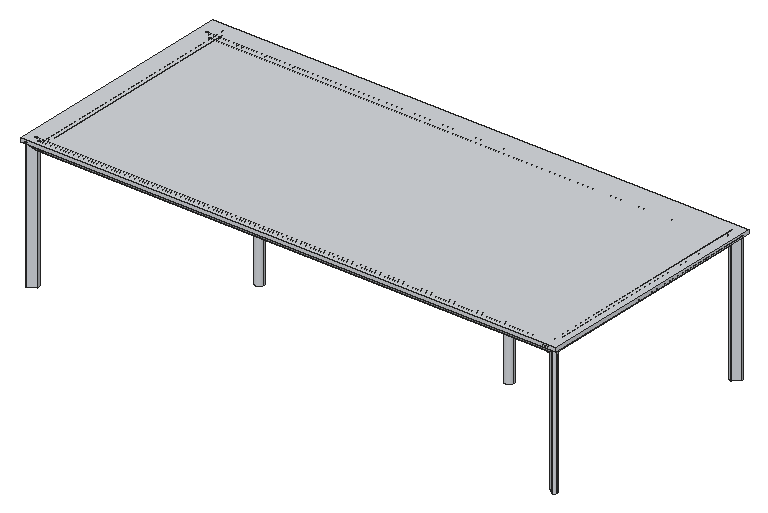
Revit family "Bernhardt_Design-Tables-Multipurpose-Intersection_stationary", category Furniture, Revit 2021 (continued)
Automatic sketch dimensions
  Extrusion 7 sketch curve to Extrusion 7 sketch curve = 0.22047"
  Extrusion 7 sketch curve to Extrusion 7 sketch curve = 0.03746"
  Extrusion 7 sketch curve to Extrusion 7 sketch curve = 0.00177"
  Extrusion 7 sketch curve to Extrusion 7 sketch curve = 0.06273"
  Extrusion 7 sketch curve to Extrusion 7 sketch curve = 0.08158"
  Extrusion 7 sketch curve to Extrusion 7 sketch curve = 0.00891"
  Extrusion 7 sketch curve to Extrusion 7 sketch curve = 0.01456"
  Extrusion 7 sketch curve to Extrusion 7 sketch curve = 0.01686"
  Extrusion 7 sketch curve to Extrusion 7 sketch curve = 0.07902"
  Extrusion 7 sketch curve to Extrusion 7 sketch curve = 0.03177"
  Extrusion 7 sketch curve to Extrusion 7 sketch curve = 0.000"  (x2)
  Extrusion 7 sketch curve to Extrusion 7 sketch curve = 0.02431"
  Extrusion 8 sketch curve to plane 12 "rail_bottom_plane" = 0.000"
  plane 12 "rail_bottom_plane" to Extrusion 8 sketch curve = 0.02925"
  plane 12 "rail_bottom_plane" to Extrusion 8 sketch curve = 0.14661"
  plane 12 "rail_bottom_plane" to Extrusion 8 sketch curve = 1.07514"
  Extrusion 8 sketch curve to Extrusion 8 sketch curve = 0.12735"
  Extrusion 8 sketch curve to plane 4 "modesty_position_plane" = 0.78694"
  Extrusion 8 sketch curve to Extrusion 8 sketch curve = 0.00014"
  Extrusion 8 sketch curve to Extrusion 8 sketch curve = 0.02896"
  Extrusion 8 sketch curve to Extrusion 8 sketch curve = 0.0422"
  Extrusion 8 sketch curve to Extrusion 8 sketch curve = 0.04921"
  Extrusion 8 sketch curve to Extrusion 8 sketch curve = 0.05906"
  Extrusion 8 sketch curve to Extrusion 8 sketch curve = 0.03282"
  Extrusion 8 sketch curve to Extrusion 8 sketch curve = 0.09483"
  Extrusion 8 sketch curve to Extrusion 8 sketch curve = 0.02476"
  Extrusion 8 sketch curve to Extrusion 8 sketch curve = 0.07351"
  Extrusion 8 sketch curve to Extrusion 8 sketch curve = 0.13985"
  Extrusion 8 sketch curve to Extrusion 8 sketch curve = 0.02005"
  Extrusion 8 sketch curve to Extrusion 8 sketch curve = 0.13351"
  Extrusion 8 sketch curve to Extrusion 8 sketch curve = 0.02305"
  Extrusion 8 sketch curve to Extrusion 8 sketch curve = 0.0295"
  Extrusion 8 sketch curve to Extrusion 8 sketch curve = 0.02445"
  Extrusion 8 sketch curve to Extrusion 8 sketch curve = 0.03902"
  Extrusion 8 sketch curve to Extrusion 8 sketch curve = 0.0325"
  Extrusion 8 sketch curve to Extrusion 8 sketch curve = 0.06712"
  Extrusion 8 sketch curve to Extrusion 8 sketch curve = 0.00283"
  Extrusion 8 sketch curve to Extrusion 8 sketch curve = 0.04156"
  Extrusion 8 sketch curve to Extrusion 8 sketch curve = 0.03971"
  Extrusion 8 sketch curve to Extrusion 8 sketch curve = 0.03567"
  Extrusion 8 sketch curve to Extrusion 8 sketch curve = 0.05548"
  Extrusion 8 sketch curve to Extrusion 8 sketch curve = 0.03901"
  Extrusion 8 sketch curve to Extrusion 8 sketch curve = 0.00615"
  Extrusion 8 sketch curve to Extrusion 8 sketch curve = 0.01171"
  Extrusion 8 sketch curve to Extrusion 8 sketch curve = 0.00864"
  Extrusion 8 sketch curve to Extrusion 8 sketch curve = 0.11209"
  Extrusion 8 sketch curve to Extrusion 8 sketch curve = 0.11842"
  Extrusion 8 sketch curve to Extrusion 8 sketch curve = 0.11879"
  Extrusion 8 sketch curve to Extrusion 8 sketch curve = 0.04862"
  level to Extrusion 8 sketch curve = 29.00191"
  Extrusion 8 sketch curve to Extrusion 8 sketch curve = 0.06216"
  Extrusion 8 sketch curve to Extrusion 8 sketch curve = 0.01686"
  Extrusion 8 sketch curve to Extrusion 8 sketch curve = 0.04356"
  Extrusion 8 sketch curve to Extrusion 8 sketch curve = 0.01456"
  Extrusion 8 sketch curve to Extrusion 8 sketch curve = 0.21399"
  Extrusion 8 sketch curve to Extrusion 8 sketch curve = 0.03018"
  Extrusion 8 sketch curve to Extrusion 8 sketch curve = 0.08498"
  Extrusion 8 sketch curve to Extrusion 8 sketch curve = 0.03923"
  Extrusion 8 sketch curve to Extrusion 8 sketch curve = 0.00177"
  Extrusion 8 sketch curve to Extrusion 8 sketch curve = 0.17902"
  Extrusion 8 sketch curve to Extrusion 8 sketch curve = 0.0941"
  Extrusion 8 sketch curve to Extrusion 8 sketch curve = 0.08688"
  Extrusion 8 sketch curve to Extrusion 8 sketch curve = 0.00022"
  Extrusion 8 sketch curve to Extrusion 8 sketch curve = 0.00175"
  Extrusion 8 sketch curve to Extrusion 8 sketch curve = 0.10222"
  Extrusion 8 sketch curve to Extrusion 8 sketch curve = 0.08283"
  Extrusion 8 sketch curve to Extrusion 8 sketch curve = 0.13502"
  Extrusion 8 sketch curve to Extrusion 8 sketch curve = 0.10284"
  Extrusion 8 sketch curve to Extrusion 8 sketch curve = 0.00225"
  Extrusion 8 sketch curve to Extrusion 8 sketch curve = 0.00065"
  Extrusion 8 sketch curve to Extrusion 8 sketch curve = 0.04153"
  Extrusion 8 sketch curve to Extrusion 8 sketch curve = 0.0433"
  Extrusion 8 sketch curve to Extrusion 8 sketch curve = 0.00364"
  Extrusion 8 sketch curve to Extrusion 8 sketch curve = 0.45588"
  Extrusion 8 sketch curve to Extrusion 8 sketch curve = 0.27507"
  Extrusion 8 sketch curve to Extrusion 8 sketch curve = 0.03177"
  Extrusion 8 sketch curve to Extrusion 8 sketch curve = 0.000"  (x2)
  Extrusion 8 sketch curve to Extrusion 8 sketch curve = 0.02431"
  plane 9 "tabletop_length-left_plane" to Extrusion 17 sketch curve = 0.05628"
  plane 5 "modesty_plane_left" to Extrusion 17 sketch curve = 1.73181"
  level to Extrusion 17 sketch curve = 29.34885"
  Extrusion 17 sketch curve to Extrusion 17 sketch curve = 2.41176"
  plane 10 "tabletop_length-ri_plane" to Extrusion 18 sketch curve = 0.05628"
  plane 6 "modesty_plane_right" to Extrusion 18 sketch curve = 1.73181"
  level to Extrusion 18 sketch curve = 29.34885"
  Extrusion 18 sketch curve to Extrusion 18 sketch curve = 2.41176"
  plane 10 "tabletop_length-ri_plane" to Extrusion 19 sketch curve = 0.05628"
  plane 6 "modesty_plane_right" to Extrusion 19 sketch curve = 1.73181"
  level to Extrusion 19 sketch curve = 26.93709"
  Extrusion 19 sketch curve to Extrusion 19 sketch curve = 2.41176"
  Extrusion 20 sketch curve to plane 7 "tabletop_width-upper_plane" = 0.1625"
  Extrusion 20 sketch curve to plane 11 "rail_top_plane" = 2.69638"
  level to Extrusion 20 sketch curve = 29.25437"
  Extrusion 20 sketch curve to Extrusion 20 sketch curve = 2.34382"
  plane 8 "tabletop_width-lower_plane" to Extrusion 21 sketch curve = 0.1625"
  Extrusion 21 sketch curve to plane 4 "modesty_position_plane" = 0.53562"
  level to Extrusion 21 sketch curve = 29.25437"
  Extrusion 21 sketch curve to Extrusion 21 sketch curve = 2.34382"
  Extrusion 22 sketch curve to plane 7 "tabletop_width-upper_plane" = 0.1625"
  Extrusion 22 sketch curve to plane 11 "rail_top_plane" = 2.69638"
  level to Extrusion 22 sketch curve = 26.91055"
  Extrusion 22 sketch curve to Extrusion 22 sketch curve = 2.34382"
  plane 9 "tabletop_length-left_plane" to Extrusion 23 sketch curve = 0.05628"
  plane 5 "modesty_plane_left" to Extrusion 23 sketch curve = 1.73181"
  level to Extrusion 23 sketch curve = 26.93709"
  Extrusion 23 sketch curve to Extrusion 23 sketch curve = 2.41176"
  plane 8 "tabletop_width-lower_plane" to Extrusion 24 sketch curve = 0.1625"
  Extrusion 24 sketch curve to plane 4 "modesty_position_plane" = 0.53562"
  level to Extrusion 24 sketch curve = 26.91055"
  Extrusion 24 sketch curve to Extrusion 24 sketch curve = 2.34382"
  plane 1 "Center Front/Back" to Extrusion 25 sketch curve = 0.000"
  Extrusion 25 sketch curve to plane 16 "centerleg_left_plane" = 0.000"
  plane 1 "Center Front/Back" to Extrusion 26 sketch curve = 0.000"
  Extrusion 26 sketch curve to plane 17 "centerleg_right_plane" = 0.000"
  plane 1 "Center Front/Back" to Extrusion 27 sketch curve = 0.000"
  Extrusion 27 sketch curve to plane 3 "Center Left/Right" = 0.000"
  Extrusion 28 sketch curve to plane 3 "Center Left/Right" = 2.59842"
  Extrusion 28 sketch curve to Extrusion 28 sketch curve = 1.02409"
  Extrusion 28 sketch curve to Extrusion 28 sketch curve = 0.00032"  (x6)
  Extrusion 28 sketch curve to Extrusion 28 sketch curve = 0.07859"
  Extrusion 28 sketch curve to Extrusion 28 sketch curve = 0.07842"  (x2)
  Extrusion 28 sketch curve to Extrusion 28 sketch curve = 0.07803"  (x2)
  plane 3 "Center Left/Right" to Extrusion 28 sketch curve = 1.33898"
  Extrusion 28 sketch curve to Extrusion 28 sketch curve = 0.07835"
  Extrusion 28 sketch curve to Extrusion 28 sketch curve = 0.07827"
  Extrusion 28 sketch curve to Extrusion 28 sketch curve = 1.02441"
  level to Extrusion 28 sketch curve = 27.62427"
  Extrusion 28 sketch curve to Extrusion 28 sketch curve = 1.06417"  (x2)
  Extrusion 29 sketch curve to plane 17 "centerleg_right_plane" = 2.59842"
  Extrusion 29 sketch curve to Extrusion 29 sketch curve = 1.02409"
  Extrusion 29 sketch curve to Extrusion 29 sketch curve = 0.00032"  (x6)
  Extrusion 29 sketch curve to Extrusion 29 sketch curve = 0.07859"
  Extrusion 29 sketch curve to Extrusion 29 sketch curve = 0.07842"  (x2)
  Extrusion 29 sketch curve to Extrusion 29 sketch curve = 0.07803"  (x2)
  plane 17 "centerleg_right_plane" to Extrusion 29 sketch curve = 1.33898"
  Extrusion 29 sketch curve to Extrusion 29 sketch curve = 0.07835"
  Extrusion 29 sketch curve to Extrusion 29 sketch curve = 0.07827"
  Extrusion 29 sketch curve to Extrusion 29 sketch curve = 1.02441"
  level to Extrusion 29 sketch curve = 27.62427"
  Extrusion 29 sketch curve to Extrusion 29 sketch curve = 1.06417"  (x2)
  plane 16 "centerleg_left_plane" to Extrusion 30 sketch curve = 2.59842"
  Extrusion 30 sketch curve to Extrusion 30 sketch curve = 1.02409"
  Extrusion 30 sketch curve to Extrusion 30 sketch curve = 0.00032"  (x6)
  Extrusion 30 sketch curve to Extrusion 30 sketch curve = 0.07859"
  Extrusion 30 sketch curve to Extrusion 30 sketch curve = 0.07842"  (x2)
  Extrusion 30 sketch curve to Extrusion 30 sketch curve = 0.07803"  (x2)
  Extrusion 30 sketch curve to plane 16 "centerleg_left_plane" = 1.33898"
  Extrusion 30 sketch curve to Extrusion 30 sketch curve = 0.07835"
  Extrusion 30 sketch curve to Extrusion 30 sketch curve = 0.07827"
  Extrusion 30 sketch curve to Extrusion 30 sketch curve = 1.02441"
  level to Extrusion 30 sketch curve = 27.62427"
  Extrusion 30 sketch curve to Extrusion 30 sketch curve = 1.06417"  (x2)
  radius of Extrusion 25 sketch curve = 1.000"
  radius of Extrusion 26 sketch curve = 1.000"
  radius of Extrusion 27 sketch curve = 1.000"
Types (91): name | Two Centerleg Visibility | Table Width | Table Width Half | Table Length Half | Table Length | SKU | Rail Width Half | Rail Length Half | Rail Length | Modesty Panel Visibility | Modesty Length Half | Centerleg Visibility | Catalog
  (no name) | yes | 54.000" | 27.000" | 60.000" | 120.000" | "INS-FDO" | 26.512" | 59.512" | 119.024" | no | 55.125" | no | "INS-FDO"
  Intersection - FAA - 36x36 stationary | no | 36.000" | 18.000" | 18.000" | 36.000" | "INS-FAA" | 17.512" | 17.512" | 35.024" | no | 13.125" | no | "INS-FAA"
  Intersection - FBB - 42x42 stationary | no | 42.000" | 21.000" | 21.000" | 42.000" | "INS-FBB" | 20.512" | 20.512" | 41.024" | no | 16.125" | no | "INS-FBB"
  Intersection - FCC - 48x48 stationary | no | 48.000" | 24.000" | 24.000" | 48.000" | "INS-FCC" | 23.512" | 23.512" | 47.024" | no | 19.125" | no | "INS-FCC"
  Intersection - FDD - 54x54 stationary w/ modesty | no | 54.000" | 27.000" | 27.000" | 54.000" | "INS-FDD" | 26.512" | 26.512" | 53.024" | yes | 22.125" | no | "INS-FDD"
  Intersection - FDD - 54x54 stationary | no | 54.000" | 27.000" | 27.000" | 54.000" | "INS-FDD" | 26.512" | 26.512" | 53.024" | no | 22.125" | no | "INS-FDD"
  Intersection - FVC - 48x24 stationary | no | 24.000" | 12.000" | 24.000" | 48.000" | "INS-FVC" | 11.512" | 23.512" | 47.024" | no | 19.125" | no | "INS-FVC"
  Intersection - FVD - 54x24 stationary | no | 24.000" | 12.000" | 27.000" | 54.000" | "INS-FVD" | 11.512" | 26.512" | 53.024" | no | 22.125" | no | "INS-FVD"
  Intersection - FVD - 54x24 stationary w/ modesty | no | 24.000" | 12.000" | 27.000" | 54.000" | "INS-FVD" | 11.512" | 26.512" | 53.024" | yes | 22.125" | no | "INS-FVD"
  Intersection - FVE - 60x24 stationary | no | 24.000" | 12.000" | 30.000" | 60.000" | "INS-FVE" | 11.512" | 29.512" | 59.024" | no | 25.125" | no | "INS-FVE"
  Intersection - FVE - 60x24 stationary w/ modesty | no | 24.000" | 12.000" | 30.000" | 60.000" | "INS-FVE" | 11.512" | 29.512" | 59.024" | yes | 25.125" | no | "INS-FVE"
  Intersection - FVF - 66x24 stationary | no | 24.000" | 12.000" | 33.000" | 66.000" | "INS-FVF" | 11.512" | 32.512" | 65.024" | no | 28.125" | no | "INS-FVF"
  Intersection - FVF - 66x24 stationary w/ modesty | no | 24.000" | 12.000" | 33.000" | 66.000" | "INS-FVF" | 11.512" | 32.512" | 65.024" | yes | 28.125" | no | "INS-FVF"
  Intersection - FVG - 72x24 stationary | no | 24.000" | 12.000" | 36.000" | 72.000" | "INS-FVG" | 11.512" | 35.512" | 71.024" | no | 31.125" | no | "INS-FVG"
  Intersection - FVG - 72x24 stationary w/ modesty | no | 24.000" | 12.000" | 36.000" | 72.000" | "INS-FVG" | 11.512" | 35.512" | 71.024" | yes | 31.125" | no | "INS-FVG"
  Intersection - FVH - 78x24 stationary | no | 24.000" | 12.000" | 39.000" | 78.000" | "INS-FVH" | 11.512" | 38.512" | 77.024" | no | 34.125" | no | "INS-FVH"
  Intersection - FVH - 78x24 stationary w/ modesty | no | 24.000" | 12.000" | 39.000" | 78.000" | "INS-FVH" | 11.512" | 38.512" | 77.024" | yes | 34.125" | no | "INS-FVH"
  Intersection - FVI - 84x24 stationary | no | 24.000" | 12.000" | 42.000" | 84.000" | "INS-FVI" | 11.512" | 41.512" | 83.024" | no | 37.125" | no | "INS-FVI"
  Intersection - FVI - 84x24 stationary w/ modesty | no | 24.000" | 12.000" | 42.000" | 84.000" | "INS-FVI" | 11.512" | 41.512" | 83.024" | yes | 37.125" | no | "INS-FVI"
  Intersection - FVJ - 90x24 stationary | no | 24.000" | 12.000" | 45.000" | 90.000" | "INS-FVJ" | 11.512" | 44.512" | 89.024" | no | 40.125" | no | "INS-FVJ"
  Intersection - FOD - 54x30 stationary | no | 30.000" | 15.000" | 27.000" | 54.000" | "INS-FOD" | 14.512" | 26.512" | 53.024" | no | 22.125" | no | "INS-FOD"
  Intersection - FOD - 54x30 stationary w/ modesty | no | 30.000" | 15.000" | 27.000" | 54.000" | "INS-FOD" | 14.512" | 26.512" | 53.024" | yes | 22.125" | no | "INS-FOD"
  Intersection - FOE - 60x30 stationary | no | 30.000" | 15.000" | 30.000" | 60.000" | "INS-FOE" | 14.512" | 29.512" | 59.024" | no | 25.125" | no | "INS-FOE"
  Intersection - FOE - 60x30 stationary w/ modesty | no | 30.000" | 15.000" | 30.000" | 60.000" | "INS-FOE" | 14.512" | 29.512" | 59.024" | yes | 25.125" | no | "INS-FOE"
  Intersection - FOF - 66x30 stationary | no | 30.000" | 15.000" | 33.000" | 66.000" | "INS-FOF" | 14.512" | 32.512" | 65.024" | no | 28.125" | no | "INS-FOF"
  Intersection - FOF - 66x30 stationary w/ modesty | no | 30.000" | 15.000" | 33.000" | 66.000" | "INS-FOF" | 14.512" | 32.512" | 65.024" | yes | 28.125" | no | "INS-FOF"
  Intersection - FOG - 72x30 stationary | no | 30.000" | 15.000" | 36.000" | 72.000" | "INS-FOG" | 14.512" | 35.512" | 71.024" | no | 31.125" | no | "INS-FOG"
  Intersection - FOG - 72x30 stationary w/ modesty | no | 30.000" | 15.000" | 36.000" | 72.000" | "INS-FOG" | 14.512" | 35.512" | 71.024" | yes | 31.125" | no | "INS-FOG"
  Intersection - FOH - 78x30 stationary | no | 30.000" | 15.000" | 39.000" | 78.000" | "INS-FOH" | 14.512" | 38.512" | 77.024" | no | 34.125" | no | "INS-FOH"
  Intersection - FOH - 78x30 stationary w/ modesty | no | 30.000" | 15.000" | 39.000" | 78.000" | "INS-FOH" | 14.512" | 38.512" | 77.024" | yes | 34.125" | no | "INS-FOH"
  Intersection - FOI - 84x30 stationary | no | 30.000" | 15.000" | 42.000" | 84.000" | "INS-FOI" | 14.512" | 41.512" | 83.024" | no | 37.125" | no | "INS-FOI"
  Intersection - FOI - 84x30 stationary w/ modesty | no | 30.000" | 15.000" | 42.000" | 84.000" | "INS-FOI" | 14.512" | 41.512" | 83.024" | yes | 37.125" | no | "INS-FOI"
  Intersection - FOJ - 90x30 stationary | no | 30.000" | 15.000" | 45.000" | 90.000" | "INS-FOJ" | 14.512" | 44.512" | 89.024" | no | 40.125" | no | "INS-FOJ"
  Intersection - FAE - 60x36 stationary | no | 36.000" | 18.000" | 30.000" | 60.000" | "INS-FAE" | 17.512" | 29.512" | 59.024" | no | 25.125" | no | "INS-FAE"
  Intersection - FAE - 60x36 stationary w/ modesty | no | 36.000" | 18.000" | 30.000" | 60.000" | "INS-FAE" | 17.512" | 29.512" | 59.024" | yes | 25.125" | no | "INS-FAE"
  Intersection - FAF - 66x36 stationary | no | 36.000" | 18.000" | 33.000" | 66.000" | "INS-FAF" | 17.512" | 32.512" | 65.024" | no | 28.125" | no | "INS-FAF"
  Intersection - FAF - 66x36 stationary w/ modesty | no | 36.000" | 18.000" | 33.000" | 66.000" | "INS-FAF" | 17.512" | 32.512" | 65.024" | yes | 28.125" | no | "INS-FAF"
  Intersection - FAG - 72x36 stationary | no | 36.000" | 18.000" | 36.000" | 72.000" | "INS-FAG" | 17.512" | 35.512" | 71.024" | no | 31.125" | no | "INS-FAG"
  Intersection - FAG - 72x36 stationary w/ modesty | no | 36.000" | 18.000" | 36.000" | 72.000" | "INS-FAG" | 17.512" | 35.512" | 71.024" | yes | 31.125" | no | "INS-FAG"
  Intersection - FAH - 78x36 stationary | no | 36.000" | 18.000" | 39.000" | 78.000" | "INS-FAH" | 17.512" | 38.512" | 77.024" | no | 34.125" | no | "INS-FAH"
  Intersection - FAH - 78x36 stationary w/ modesty | no | 36.000" | 18.000" | 39.000" | 78.000" | "INS-FAH" | 17.512" | 38.512" | 77.024" | yes | 34.125" | no | "INS-FAH"
  Intersection - FAI - 84x36 stationary | no | 36.000" | 18.000" | 42.000" | 84.000" | "INS-FAI" | 17.512" | 41.512" | 83.024" | no | 37.125" | no | "INS-FAI"
  Intersection - FAI - 84x36 stationary w/ modesty | no | 36.000" | 18.000" | 42.000" | 84.000" | "INS-FAI" | 17.512" | 41.512" | 83.024" | yes | 37.125" | no | "INS-FAI"
  Intersection - FAJ -90x36 stationary | no | 36.000" | 18.000" | 45.000" | 90.000" | "INS-FAJ" | 17.512" | 44.512" | 89.024" | no | 40.125" | no | "INS-FAJ"
  Intersection - FAK - 96x36 stationary | no | 36.000" | 18.000" | 48.000" | 96.000" | "INS-FAK" | 17.512" | 47.512" | 95.024" | no | 43.125" | yes | "INS-FAK"
  Intersection - FAL - 102x36 stationary | no | 36.000" | 18.000" | 51.000" | 102.000" | "INS-FAL" | 17.512" | 50.512" | 101.024" | no | 46.125" | yes | "INS-FAL"
  Intersection - FAM - 108x36 stationary | no | 36.000" | 18.000" | 54.000" | 108.000" | "INS-FAM" | 17.512" | 53.512" | 107.024" | no | 49.125" | yes | "INS-FAM"
  Intersection - FBE - 60x42 stationary | no | 42.000" | 21.000" | 30.000" | 60.000" | "INS-FBE" | 20.512" | 29.512" | 59.024" | no | 25.125" | no | "INS-FBE"
  Intersection - FBE - 60x42 stationary w/ modesty | no | 42.000" | 21.000" | 30.000" | 60.000" | "INS-FBE" | 20.512" | 29.512" | 59.024" | yes | 25.125" | no | "INS-FBE"
  Intersection - FBF - 66x42 stationary | no | 42.000" | 21.000" | 33.000" | 66.000" | "INS-FBF" | 20.512" | 32.512" | 65.024" | no | 28.125" | no | "INS-FBF"
  Intersection - FBF - 66x42 stationary w/ modesty | no | 42.000" | 21.000" | 33.000" | 66.000" | "INS-FBF" | 20.512" | 32.512" | 65.024" | yes | 28.125" | no | "INS-FBF"
  Intersection - FBG - 72x42 stationary | no | 42.000" | 21.000" | 36.000" | 72.000" | "INS-FBG" | 20.512" | 35.512" | 71.024" | no | 31.125" | no | "INS-FBG"
  Intersection - FBG - 72x42 stationary w/ modesty | no | 42.000" | 21.000" | 36.000" | 72.000" | "INS-FBG" | 20.512" | 35.512" | 71.024" | yes | 31.125" | no | "INS-FBG"
  Intersection - FBH - 78x42 stationary | no | 42.000" | 21.000" | 39.000" | 78.000" | "INS-FBH" | 20.512" | 38.512" | 77.024" | no | 34.125" | no | "INS-FBH"
  Intersection - FBH - 78x42 stationary w/ modesty | no | 42.000" | 21.000" | 39.000" | 78.000" | "INS-FBH" | 20.512" | 38.512" | 77.024" | yes | 34.125" | no | "INS-FBH"
  Intersection - FBI - 84x42 stationary | no | 42.000" | 21.000" | 42.000" | 84.000" | "INS-FBI" | 20.512" | 41.512" | 83.024" | no | 37.125" | no | "INS-FBI"
  Intersection - FBI - 84x42 stationary w/ modesty | no | 42.000" | 21.000" | 42.000" | 84.000" | "INS-FBI" | 20.512" | 41.512" | 83.024" | yes | 37.125" | no | "INS-FBI"
  Intersection - FBJ - 90x42 stationary | no | 42.000" | 21.000" | 45.000" | 90.000" | "INS-FBJ" | 20.512" | 44.512" | 89.024" | no | 40.125" | no | "INS-FBJ"
  Intersection - FBK - 96x42 stationary | no | 42.000" | 21.000" | 48.000" | 96.000" | "INS-FBK" | 20.512" | 47.512" | 95.024" | no | 43.125" | yes | "INS-FBK"
  Intersection - FBL - 102x42 stationary | no | 42.000" | 21.000" | 51.000" | 102.000" | "INS-FBL" | 20.512" | 50.512" | 101.024" | no | 46.125" | yes | "INS-FBL"
  Intersection - FBM - 108x42 stationary | no | 42.000" | 21.000" | 54.000" | 108.000" | "INS-FBM" | 20.512" | 53.512" | 107.024" | no | 49.125" | yes | "INS-FBM"
  Intersection - FBN - 114x42 stationary | yes | 42.000" | 21.000" | 57.000" | 114.000" | "INS-FBN" | 20.512" | 56.512" | 113.024" | no | 52.125" | no | "INS-FBN"
  Intersection - FBO - 120x42 stationary | yes | 42.000" | 21.000" | 60.000" | 120.000" | "INS-FBO" | 20.512" | 59.512" | 119.024" | no | 55.125" | no | "INS-FBO"
  Intersection - FCE - 60x48 stationary | no | 48.000" | 24.000" | 30.000" | 60.000" | "INS-FCE" | 23.512" | 29.512" | 59.024" | no | 25.125" | no | "INS-FCE"
  Intersection - FCE - 60x48 stationary w/ modesty | no | 48.000" | 24.000" | 30.000" | 60.000" | "INS-FCE" | 23.512" | 29.512" | 59.024" | yes | 25.125" | no | "INS-FCE"
  Intersection - FCF - 66x48 stationary | no | 48.000" | 24.000" | 33.000" | 66.000" | "INS-FCF" | 23.512" | 32.512" | 65.024" | no | 28.125" | no | "INS-FCF"
  Intersection - FCF - 66x48 stationary w/ modesty | no | 48.000" | 24.000" | 33.000" | 66.000" | "INS-FCF" | 23.512" | 32.512" | 65.024" | yes | 28.125" | no | "INS-FCF"
  Intersection - FCG - 72x48 stationary | no | 48.000" | 24.000" | 36.000" | 72.000" | "INS-FCG" | 23.512" | 35.512" | 71.024" | no | 31.125" | no | "INS-FCG"
  Intersection - FCG - 72x48 stationary w/ modesty | no | 48.000" | 24.000" | 36.000" | 72.000" | "INS-FCG" | 23.512" | 35.512" | 71.024" | yes | 31.125" | no | "INS-FCG"
  Intersection - FCH - 78x48 stationary | no | 48.000" | 24.000" | 39.000" | 78.000" | "INS-FCH" | 23.512" | 38.512" | 77.024" | no | 34.125" | no | "INS-FCH"
  Intersection - FCH - 78x48 stationary w/ modesty | no | 48.000" | 24.000" | 39.000" | 78.000" | "INS-FCH" | 23.512" | 38.512" | 77.024" | yes | 34.125" | no | "INS-FCH"
  Intersection - FCI - 84x48 stationary | no | 48.000" | 24.000" | 42.000" | 84.000" | "INS-FCI" | 23.512" | 41.512" | 83.024" | no | 37.125" | no | "INS-FCI"
  Intersection - FCI - 84x48 stationary w/ modesty | no | 48.000" | 24.000" | 42.000" | 84.000" | "INS-FCI" | 23.512" | 41.512" | 83.024" | yes | 37.125" | no | "INS-FCI"
  Intersection - FCJ - 90x48 stationary | no | 48.000" | 24.000" | 45.000" | 90.000" | "INS-FCJ" | 23.512" | 44.512" | 89.024" | no | 40.125" | no | "INS-FCJ"
  Intersection - FCK - 96x48 stationary | no | 48.000" | 24.000" | 48.000" | 96.000" | "INS-FCK" | 23.512" | 47.512" | 95.024" | no | 43.125" | yes | "INS-FCK"
  Intersection - FCL - 102x48 stationary | no | 48.000" | 24.000" | 51.000" | 102.000" | "INS-FCL" | 23.512" | 50.512" | 101.024" | no | 46.125" | yes | "INS-FCL"
  Intersection - FCM - 108x48 stationary | no | 48.000" | 24.000" | 54.000" | 108.000" | "INS-FCM" | 23.512" | 53.512" | 107.024" | no | 49.125" | yes | "INS-FCM"
  Intersection - FCN - 114x48 stationary | yes | 48.000" | 24.000" | 57.000" | 114.000" | "INS-FCN" | 23.512" | 56.512" | 113.024" | no | 52.125" | no | "INS-FCN"
  Intersection - FCO - 120x48 stationary | yes | 48.000" | 24.000" | 60.000" | 120.000" | "INS-FCO" | 23.512" | 59.512" | 119.024" | no | 55.125" | no | "INS-FCO"
  Intersection - FDG - 72x54 stationary | no | 54.000" | 27.000" | 36.000" | 72.000" | "INS-FDG" | 26.512" | 35.512" | 71.024" | no | 31.125" | no | "INS-FDG"
  Intersection - FDG - 72x54 stationary w/ modesty | no | 54.000" | 27.000" | 36.000" | 72.000" | "INS-FDG" | 26.512" | 35.512" | 71.024" | yes | 31.125" | no | "INS-FDG"
  Intersection - FDH - 78x54 stationary | no | 54.000" | 27.000" | 39.000" | 78.000" | "INS-FDH" | 26.512" | 38.512" | 77.024" | no | 34.125" | no | "INS-FDH"
  Intersection - FDH - 78x54 stationary w/ modesty | no | 54.000" | 27.000" | 39.000" | 78.000" | "INS-FDH" | 26.512" | 38.512" | 77.024" | yes | 34.125" | no | "INS-FDH"
  Intersection - FDI - 84x54 stationary | no | 54.000" | 27.000" | 42.000" | 84.000" | "INS-FDI" | 26.512" | 41.512" | 83.024" | no | 37.125" | no | "INS-FDI"
  Intersection - FDI - 84x54 stationary w/ modesty | no | 54.000" | 27.000" | 42.000" | 84.000" | "INS-FDI" | 26.512" | 41.512" | 83.024" | yes | 37.125" | no | "INS-FDI"
  Intersection - FDJ - 90x54 stationary | no | 54.000" | 27.000" | 45.000" | 90.000" | "INS-FDJ" | 26.512" | 44.512" | 89.024" | no | 40.125" | no | "INS-FDJ"
  Intersection - FDK - 96x54 stationary | no | 54.000" | 27.000" | 48.000" | 96.000" | "INS-FDK" | 26.512" | 47.512" | 95.024" | no | 43.125" | yes | "INS-FDK"
  Intersection - FDL - 102x54 stationary | no | 54.000" | 27.000" | 51.000" | 102.000" | "INS-FDL" | 26.512" | 50.512" | 101.024" | no | 46.125" | yes | "INS-FDL"
  Intersection - FDM - 108x54 stationary | no | 54.000" | 27.000" | 54.000" | 108.000" | "INS-FDM" | 26.512" | 53.512" | 107.024" | no | 49.125" | yes | "INS-FDM"
  Intersection - FDN - 114x54 stationary | yes | 54.000" | 27.000" | 57.000" | 114.000" | "INS-FDN" | 26.512" | 56.512" | 113.024" | no | 52.125" | no | "INS-FDN"
  Intersection - FDO - 120x54 stationary | yes | 54.000" | 27.000" | 60.000" | 120.000" | "INS-FDO" | 26.512" | 59.512" | 119.024" | no | 55.125" | no | "INS-FDO"
